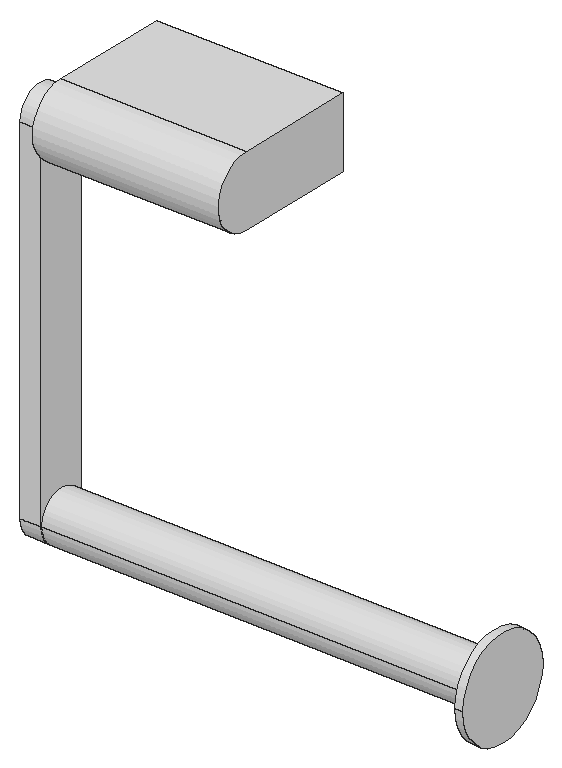
Revit family "PROOX Single toilet roll holder EN", category Furniture, Revit 2014
Parameters (values of type "ONE pure")
  URL = "http://www.proox.com/"
  Type Comments = "ONE pure"
  Product webpage [instance] = "http://www.proox.com/EN/single-toilet-roll-holder-stainless-steel/"
  Product data sheet = "http://www.proox.com/fileadmin/dam/Download/Produktdatenbl%C3%A4tter/english/Productspecification_PU-380.pdf"
  Model = "PU-380"
  Material = PROOX Stainless steel, brushed
  Manufacturer = "PROOX Ltd."  # constant formula
  Keynote = ""
  EAN-No. = "9120050350106"
  Description = "single toilet roll holder PROOX ONE pure made from stainless steel"
  Cost = 81
  BIM objects producer = "www.BIMtelligent.eu"  # constant formula
  Specification = "Single toilet roll holder completely machined from full stainless steel. Intended for wall mounting. For rolls with max. 105mm width and minimum 17mm tube diameter. Including concealed mounting system with anchors and stainless steel adapter screws."
Types (3, lengths in mm): name | Type Comments | Product webpage | Product data sheet | Model | Material | EAN-No. | Description | Cost | Specification
  (no name) | "ONE pure" | "http://www.proox.com/EN/single-toilet-roll-holder-stainless-steel/" | "http://www.proox.com/fileadmin/dam/Download/Produktdatenbl%C3%A4tter/english/Productspecification_PU-380.pdf" | "PU-380" | PROOX Stainless steel, brushed | "9120050350106" | "single toilet roll holder PROOX ONE pure made from stainless steel" | 81 | "Single toilet roll holder completely machined from full stainless steel. Intended for wall mounting. For rolls with max. 105mm width and minimum 17mm tube diameter. Including concealed mounting system with anchors and stainless steel adapter screws."
  ONE dark passion | "ONE dark passion" | "http://www.proox.com/EN/single-toilet-roll-holder-black/" | "http://www.proox.com/fileadmin/dam/Download/Produktdatenbl%C3%A4tter/english/Productspecification_DP-380.pdf" | "DP-380" | PROOX Aluminum, black anodised | "9120050350229" | "single toilet roll holder PROOX ONE dark passion made from aluminum black anodized" | 85 | "Single toilet roll holder made out from glass pearl blasted and black anodised aluminum. Intended for wall mounting. For rolls with max. 105mm width and minimum 17mm tube diameter. Including concealed mounting system with anchors and stainless steel adapter screws."
  ONE pure | "ONE pure" | "http://www.proox.com/EN/single-toilet-roll-holder-stainless-steel/" | "http://www.proox.com/fileadmin/dam/Download/Produktdatenbl%C3%A4tter/english/Productspecification_PU-380.pdf" | "PU-380" | PROOX Stainless steel, brushed | "9120050350106" | "single toilet roll holder PROOX ONE pure made from stainless steel" | 81 | "Single toilet roll holder completely machined from full stainless steel. Intended for wall mounting. For rolls with max. 105mm width and minimum 17mm tube diameter. Including concealed mounting system with anchors and stainless steel adapter screws."
Reference planes
  plane 1 "Center (Front/Back)": y = 0
  plane 2: z = 0
  plane 3 "Center (Left/Right)": x = 0
Forms (mm)
  Extrusion 1, solid, material "PROOX Stainless steel, brushed" <- "Material", detail levels fine
    sketch origin (0, 0, 0) x (0, 1, 0) y (0, 0, 1)
      loop
        arc (-29, 94.5) -> (-37.5, 86) -> (-29, 77.5) r 8.5
        line (-29, 77.5) -> (0, 77.5) -> (0, 94.5) -> (-29, 94.5)
    from 0 to 45
  Extrusion 2, solid, material "PROOX Stainless steel, brushed" <- "Material", detail levels fine
    sketch origin (0, 0, 0) x (0, 1, 0) y (0, 0, 1)
      loop
        arc (-23, 86) -> (-29, 92) -> (-35, 86) r 6
        line (-35, 86) -> (-35, 0)
        arc (-35, 0) -> (-29, -6) -> (-23, 0) r 6
        line (-23, 0) -> (-23, 86)
    from -5 to 0
  Extrusion 3, solid, material "PROOX Stainless steel, brushed" <- "Material", detail levels coarse+medium
    sketch origin (0, 0, 0) x (0, 1, 0) y (0, 0, 1)
      loop
        line (0, 77.5) -> (0, 94.5) -> (-38.5, 94.5) -> (-38.5, 77.5) -> (0, 77.5)
    from 0 to 45
  Extrusion 4, solid, material "PROOX Stainless steel, brushed" <- "Material", detail levels coarse+medium
    sketch origin (0, 0, 0) x (0, 1, 0) y (0, 0, 1)
      loop
        line (-23, 92) -> (-35, 92) -> (-35, -6) -> (-23, -6) -> (-23, 92)
    from -5 to 0
  Extrusion 5, solid, material "PROOX Stainless steel, brushed" <- "Material"
    sketch origin (0, 0, 0) x (0, 1, 0) y (0, 0, 1)
      loop
        circle (-29, 0) r 6
    from 0 to 105
  Extrusion 6, solid, material "PROOX Stainless steel, brushed" <- "Material", detail levels fine
    sketch origin (0, 0, 0) x (0, 1, 0) y (0, 0, 1)
      loop
        circle (-29, 0) r 12
    from 105 to 107
Dimensions and locks
  aligned and locked: level to plane 2
  aligned and locked: Extrusion 4 to Extrusion 2
  aligned and locked: Extrusion 3 to Extrusion 1  (x2)
  aligned and locked: Extrusion 1 to Extrusion 3
